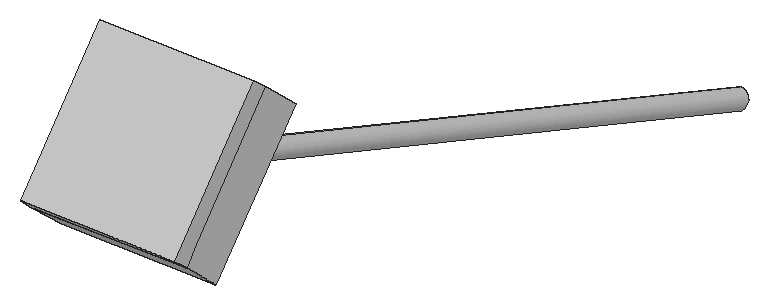
Revit family "SON-RB_-CSH-___-___", category Generic Models, Revit 2017
Family settings
  Can host rebar = No
  Round Connector Dimension = Use Diameter
  Part Type = Normal
  Work Plane-Based = No
  Always vertical = Yes
  Cut with Voids When Loaded = No
  Shared = No
  Room Calculation Point = No
Parameters (values of type "Nail Head_800x800")
  Soil Nail Total Length [instance] = 4000 mm
  Soil Nail Material = Ribbed Reinforcement
  Soil Nail Inclination [instance] = 20.00°
  Soil Nail Head Material = Concrete Grade 30/20
  Soil Nail Dia [instance] = 50 mm
  Nail Head to Pivot [instance] = (Nail Head Width * -1 - 50 mm - 82 mm) / cos(Nail Head Angle - Soil Nail Inclination)  # 125.573 mm
  Nail Head Hessian Bag Fill = Soil Mix
  Nail Head Angle [instance] = 40.00°
  Hole Fill Material = Cement Grout
  Nail Head Width = -250 mm
  Nail Head Length = 800 mm
  Hole Dia [instance] = 100 mm
  Corrosion Protection Layer Material = Corrugated Sheath
  Corrosion Protection Dia.Outer [instance] = Corrosion Protection Dia. + 5 mm  # 75 mm
  Corrosion Protection Layer [instance] = no
  Corrosion Protection Dia. [instance] = Soil Nail Dia + 20 mm  # 70 mm
Types (4, lengths in mm): name | Nail Head Length
  (no name) | 800
  Nail Head_400x400 | 400
  Nail Head_600x600 | 600
  Nail Head_800x800 | 800
Reference planes
  plane 1 "Center (Front/Back)": y = 0
  plane 2: z = 0
  plane 3 "Center (Left/Right)": x = 0
Forms (mm)
  Extrusion 1, solid, material "Concrete Grade 30/20" <- "Soil Nail Head Material"
    sketch origin (0, 180.816, -95.657) x (1, 0, 0) y (0, -0.642788, -0.766044)
      loop
        line (400, -400) -> (400, 400) -> (-400, 400) -> (-400, -400) -> (400, -400)
    from 0 to -250 <- "Nail Head Width"
  Sweep 2, solid, material "Ribbed Reinforcement" <- "Soil Nail Material"
    path in 3D
      loop
        line (0, 0, 0) -> (0, 3758.77, -1368.081)
    profile origin (0, 1879.385, -684.04) x (0, 0.34202, 0.939693) y (1, 0, 0)
      loop
        circle (0, 0) r 25
  Sweep 3, solid, material "Cement Grout" <- "Hole Fill Material"
    path in 3D
      loop
        line (0, 135.364, -49.268) -> (0, 3805.755, -1385.182)
    profile origin (0, 1970.56, -717.225) x (0, 0.34202, 0.939693) y (1, 0, 0)
      loop
        circle (0, 0) r 50
      loop
        circle (0, 0) r 25
  Sweep 4, solid, material "Corrugated Sheath" <- "Corrosion Protection Layer Material", visible <- "Corrosion Protection Layer"
    path in 3D
      loop
        line (0, 135.364, -49.268) -> (0, 3805.755, -1385.182)
    profile origin (0, 1970.56, -717.225) x (0, 0.34202, 0.939693) y (1, 0, 0)
      loop
        circle (0, 0) r 37.5
      loop
        circle (0, 0) r 35
  Extrusion 5, solid, material "Soil Mix" <- "Nail Head Hessian Bag Fill"
    sketch origin (0, -10.695, 65.04) x (-1, 0, 0) y (0, -0.642788, -0.766044)
      loop
        line (400, -400) -> (400, 400) -> (-400, 400) -> (-400, -400) -> (400, -400)
    from 0 to 100
Lines and regions (mm)
  reference lines
    curve 1: line (0, 0, 0) -> (0, 118, -42.948)
    curve 2: line (0, 118, -42.948) -> (0, 180.943, -42.948)
    curve 3: line (0, 118, -42.948) -> (0, 180.816, -95.657)
    curve 4: line (0, 0, 0) -> (0, 3758.77, -1368.081)
  sketch lines
    curve 5: line (0, 0, 0) -> (0, 3758.77, -1368.081)
    curve 6: line (0, 135.364, -49.268) -> (0, 3805.755, -1385.182)
    curve 7: line (0, 135.364, -49.268) -> (0, 3805.755, -1385.182)
Dimensions and locks
  "Nail Head to Pivot": curve 1 to curve 1
  "Nail Head Length": Extrusion 1 sketch curve to Extrusion 1 sketch curve  (x2)
  equal spacing: Extrusion 1 sketch curve, curve 3, Extrusion 1 sketch curve  (x2)
  "Soil Nail Total Length": curve 4 to curve 4
  Extrusion 1 to curve 4 = 50 mm
  "Soil Nail Dia": diameter of Sweep 2 sketch curve
  "Soil Nail Dia": diameter of Sweep 3 sketch curve
  "Hole Dia": diameter of Sweep 3 sketch curve
  "Corrosion Protection Dia.": diameter of Sweep 4 sketch curve
  "Corrosion Protection Dia.Outer": diameter of Sweep 4 sketch curve
  "Soil Nail Inclination": angle curve 1 to level
  "Nail Head Angle": angle curve 3 to curve 2
  "Soil Nail Inclination": angle curve 4 to level
  aligned and locked: level to plane 2
Automatic sketch dimensions
  Extrusion 5 sketch curve to Extrusion 1 = 0 mm  (x3)
  Extrusion 1 to Extrusion 5 sketch curve = 0 mm
  curve 4 to level = 0 mm
  curve 4 to plane 1 "Center (Front/Back)" = 0 mm
  Sweep 2 sketch curve to profile plane = 0 mm  (x2)
  Sweep 3 sketch curve to Sweep 3 sketch curve = 0 mm  (x2)
  Sweep 3 sketch curve to profile plane = 0 mm  (x2)
  Sweep 4 sketch curve to Sweep 4 sketch curve = 0 mm  (x2)
  Sweep 4 sketch curve to profile plane = 0 mm  (x2)
Nested families
  nested 1: "SON-RB_-CSH-___-___-SYM" at (0, 0, 0), type "SON-RB_-CSH-___-___-SYM"
Definition of nested family "SON-RB_-CSH-___-___-SYM"
  Reference planes
    plane 1: y = 0
    plane 2: x = 0
  Lines and regions (mm)
    detail lines
      curve 1: line (0.75, 0.75, 0) -> (0.75, -0.75, 0)
      curve 2: line (-0.75, 0.75, 0) -> (-0.75, -0.75, 0)
      curve 3: line (-0.75, 0.75, 0) -> (0.75, 0.75, 0)
      curve 4: line (-0.75, -0.75, 0) -> (0.75, -0.75, 0)
      curve 7: line (3.137, -0.75, 0) -> (3.137, 0.75, 0)
      curve 8: line (4.137, 0.75, 0) -> (4.137, -0.75, 0)
      curve 9: line (3.137, 0.75, 0) -> (4.137, -0.75, 0)
    reference lines
      curve 5: line (1.75, -0.75, 0) -> (1.75, 1.882, 0)
      curve 6: line (2.75, -0.972, 0) -> (2.75, 1.882, 0)
      curve 10: line (2.75, 0.75, 0) -> (1.4, 0.75, 0)
      curve 11: line (2.75, -0.75, 0) -> (1.511, -0.75, 0)
  Nested families
    nested 1: "Sign Pole 2D" at (2.259, -0.033, 0), type "Sign Pole 2D"
  Definition of nested family "Sign Pole 2D"
    Reference planes
      plane 1: y = 0
      plane 2: x = 0
    Lines and regions (mm)
      detail lines
        curve 1: arc (-0.409, 0.38, 0) -> (-0.004, 0.785, 0) -> (0.401, 0.38, 0) r 0.405
        curve 2: arc (0.396, -0.36, 0) -> (-0.028, -0.724, 0) -> (-0.413, -0.32, 0) r 0.405
        curve 3: arc (-0.409, 0.38, 0) -> (-0.402, 0.279, 0) -> (-0.38, 0.179, 0) r 0.707
        curve 4: arc (0.396, -0.36, 0) -> (0.394, -0.269, 0) -> (0.38, -0.179, 0) r 0.707
        curve 5: line (-0.38, 0.179, 0) -> (0.38, -0.179, 0)
